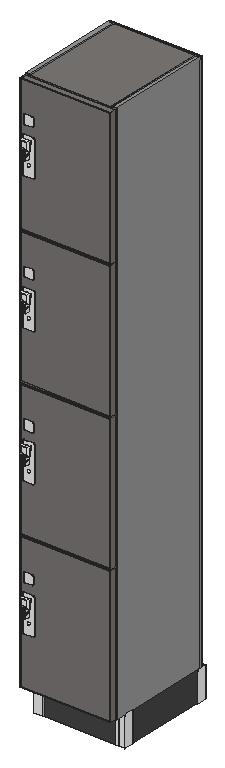
Revit family "Wood_Lockers_Hasps-Salsbury_Industries-44000_Series-1_Wide_Units", category Specialty Equipment, Revit 2026
Family settings
  Round Connector Dimension = Use Diameter
  Part Type = Normal
  Classification Number = 23.40.00.00
  Work Plane-Based = No
  Enable Cutting in Views = No
  Always vertical = Yes
  Cut with Voids When Loaded = No
  Maintain Annotation Orientation = No
  Shared = No
  Room Calculation Point = No
Parameters (values of type "44165")
  Width = 12.000"
  Version = "1.0 (01/31/24)"
  Unit Height including Sloping Hood Only [instance] = 77.743"
  Unit Height including Base Only [instance] = 76.000"
  URL = "www.lockers.com"
  Type Comments = "Premier Wood Lockers - Four Tier - with Hasps"
  Total Doors Height [instance] = if(Unit Height = 72.000", 71.750", if(Unit Height = 60.000", 59.750", 0.000"))  # 71.750"
  Sloping Top Corner Filler - Right Side [instance] = Wood Locker Sloping Corner Fillers : None
  Sloping Top Corner Filler - Left Side [instance] = Wood Locker Sloping Corner Fillers : None
  Sloping In-Line Filler - Right Side [instance] = Wood Locker Sloping In-Line Fillers : None
  Sloping In-Line Filler - Left Side [instance] = Wood Locker Sloping In-Line Fillers : None
  Sloping Hood Height = if(Depth = 15.000", 5.743", if(Depth = 18.000", 6.868", if(Depth = 21.000", 7.993", if(Depth = 24.000", 9.118", 0.000"))))  # 5.743"
  Sloping Hood [instance] = Wood Locker Sloping Hoods : None
  Side Panel without Slope - Right Side [instance] = Wood Locker Side Panels-No Slope : None
  Side Panel without Slope - Left Side [instance] = Wood Locker Side Panels-No Slope : None
  Side Panel with Slope - Right Side [instance] = Wood Locker Side Panels-With Slope : None
  Side Panel with Slope - Left Side [instance] = Wood Locker Side Panels-With Slope : None
  Secondary Structure Materials = Particle Board Industrial Grade - Salsbury Finish - Black Melamine Overlay
  Primary Structure Materials = Particle Board Industrial Grade - Salsbury Finish - Plain
  Overall Unit Height including Base and Sloping Hood [instance] = 81.743"
  OmniClass 23 Title = "Equipment and Furnishings"
  OmniClass 23 Number = "23.40.00.00"
  Model = "44165"
  MasterFormat Title = "Lockers"
  MasterFormat Code = "10 51 23"
  Manufacturer = "Salsbury Industries"
  Laminate Surface [instance] = Industrial Grade Particleboard with Wood Laminate - Salsbury Finish - Skyline Walnut
  Interior Material = Textured Melamine - Salsbury Finish - White
  Individual Door Width [instance] = 11.875"
  Unit Height = 72.000"
  Individual Door Height = if(Unit Height = 72.000", 17.796", if(Unit Height = 60.000", 14.796", 0.000"))  # 17.796"
  Hardware = Aluminum - Salsbury Finish - Black Satin
  Front Vertical Filler - Right Side [instance] = Wood Locker Front Fillers : None
  Front Vertical Filler - Left Side [instance] = Wood Locker Front Fillers : None
  Front Corner Filler - Right Side [instance] = Wood Locker Front Corner Filler : None
  Front Corner Filler - Left Side [instance] = Wood Locker Front Corner Filler : None
  Flat Top In-Line Filler - Right Side [instance] = Wood Locker Flat In-Line Fillers : None
  Flat Top In-Line Filler - Left Side [instance] = Wood Locker Flat In-Line Fillers : None
  Flat Top Corner Filler - Right Side [instance] = Wood Locker Flat Corner Fillers : None
  Flat Top Corner Filler - Left Side [instance] = Wood Locker Flat Corner Fillers : None
  Fascia Filler [instance] = Wood Locker Fascia Fillers : None
  Double Side Panel without Slope - Right Side [instance] = Wood Locker Double Side Panels-No Slope : None
  Double Side Panel without Slope - Left Side [instance] = Wood Locker Double Side Panels-No Slope : None
  Double Side Panel with Slope - Right Side [instance] = Wood Locker Double Side Panels-With Slope : None
  Double Side Panel with Slope - Left Side [instance] = Wood Locker Double Side Panels-With Slope : None
  Door Location D1 = Premier Locker Doors_Hasp : Four Tier Door for Six Foot High Locker
  Description = "1 Wide - 6 Feet High - 15 inches Deep - with Base"
  Depth = 15.000"
  Default Elevation = 0.000"
  Compartment Width [instance] = 10.750"
  Compartment Height [instance] = if(Unit Height = 72.000", 17.063", if(Unit Height = 60.000", 14.063", 0.000"))  # 17.063"
  Compartment Depth [instance] = 13.750"
  Base Material = Particle Board Industrial Grade - Salsbury Finish - Black Melamine Overlay
  Base Height = 4.000"
  Base Depth [instance] = 13.250"
  Base = Wood Locker Bases : Base - 12" W x 15" D Lockers
  Assembly Code = "C1030310"
Reference planes (in)
  plane 1 "Center (Front/Back)": y = 0
  plane 2: z = 0
  plane 3 "Center (Left/Right)": x = 0
  plane 4 "Right Side of Unit": x = 6
  plane 5 "Left Side of Unit": x = -6
  plane 6 "Back of Unit": y = 7.5
  plane 7 "Front of Unit": y = -7.5
  plane 8 "Bottom of Base": z = 0
  plane 9 "Top Edge of Unit": z = 76
  plane 10 "Top of Base Edge": z = 4
  plane 11: z = 81.743
  plane 12 "Right Compartment Edge": x = 5.406
  plane 13 "Left Compartment Edge": x = -5.406
  plane 14 "Front Melamine Edge": y = -6.5
  plane 15 "Back Compartment Edge": y = 7.281
  plane 16 "Front Compartment Edge": y = -6.469
  plane 17 "Front Edge of Base": y = -5.125
  plane 18 "Bottom Edge of Door": z = 4.125
  plane 19 "Top Edge of Door": z = 75.875
  plane 20 "Bottom Compartment Edge": z = 4.75
  plane 21 "Top Compartment Edge": z = 75.25
  plane 22 "Center Top and Bottom": z = 40
  plane 23 "Left Melamine Edge": x = -5.375
  plane 24 "Right Melamine Edge": x = 5.375
  plane 25 "Back Melamine Edge": y = 7.25
  plane 26 "Left Edge of Door": x = -5.875
  plane 27: y = 8.125
  plane 28: y = -5.75
  plane 29 "Base / Ventillation Alignment": y = 8.125
  plane 30 "Compartment Shelf 3": z = 22.563
  plane 31: z = 21.813
  plane 32: z = 21.921
  plane 33: z = 22.109
  plane 34: z = 39.626
  plane 35 "Compartment Shelf 2": z = 40.376
  plane 36: z = 39.905
  plane 37: z = 40.093
  plane 38: z = 57.439
  plane 39 "Compartment Shelf 1": z = 58.189
  plane 40: z = 57.889
  plane 41: z = 58.077
Forms (in)
  Extrusion 1, solid, material "Particle Board Industrial Grade - Salsbury Finish - Plain" <- "Primary Structure Materials"
    sketch origin (6, 0, 0) x (0, -1, 0) y (0, 0, 1)
      loop
        line (6.469, 76) -> (-7.25, 76) -> (-7.25, 4) -> (6.469, 4) -> (6.469, 76)
    from 0 to 0.594
  Extrusion 2, solid, material "Particle Board Industrial Grade - Salsbury Finish - Plain" <- "Primary Structure Materials"
    sketch origin (-6, 0, 0) x (0, -1, 0) y (0, 0, 1)
      loop
        line (-7.25, 76) -> (-7.25, 4) -> (6.469, 4) -> (6.469, 76) -> (-7.25, 76)
    from 0 to -0.594
  Extrusion 3, solid, material "Textured Melamine - Salsbury Finish - White" <- "Interior Material"
    sketch origin (0, 0, 4) x (0, -1, 0) y (1, 0, 0)
      loop
        line (-7.25, -5.375) -> (6.469, -5.375) -> (6.469, 5.375) -> (-7.25, 5.375) -> (-7.25, -5.375)
    from 0 to 0.75
  Extrusion 4, solid, material "Industrial Grade Particleboard with Wood Laminate - Salsbury Finish - Skyline Walnut" <- "Laminate Surface"
    sketch origin (0.375, 0.375, 76) x (1, 0, 0) y (0, 1, 0)
      loop
        line (-5.75, -6.875) -> (5, -6.875) -> (5, 6.875) -> (-5.75, 6.875) -> (-5.75, -6.875)
    from 0 to -0.75
  Extrusion 5, solid, material "Particle Board Industrial Grade - Salsbury Finish - Plain" <- "Primary Structure Materials"
    sketch origin (0, 7.5, 0) x (1, 0, 0) y (0, 0, 1)
      loop
        line (-6, 76) -> (-6, 4) -> (6, 4) -> (6, 76) -> (-6, 76)
    from 0 to 0.219
  Extrusion 6, solid, material "Industrial Grade Particleboard with Wood Laminate - Salsbury Finish - Skyline Walnut" <- "Laminate Surface"
    sketch origin (0, -6.469, 0) x (1, 0, 0) y (0, 0, 1)
      loop
        line (-6, 76) -> (-6, 4) -> (-5.375, 4) -> (-5.375, 76) -> (-6, 76)
    from 0 to 0.031
  Extrusion 7, solid, material "Industrial Grade Particleboard with Wood Laminate - Salsbury Finish - Skyline Walnut" <- "Laminate Surface"
    sketch origin (0, -6.469, 0) x (-1, 0, 0) y (0, 0, -1)
      loop
        line (-6, -76) -> (-5.375, -76) -> (-5.375, -4) -> (-6, -4) -> (-6, -76)
    from 0 to 0.031
  Extrusion 8, solid, material "Textured Melamine - Salsbury Finish - White" <- "Interior Material"
    sketch origin (0, 7.25, 0) x (1, 0, 0) y (0, 0, 1)
      loop
        line (-6, 76) -> (-6, 4) -> (6, 4) -> (6, 76) -> (-6, 76)
    from -0.031 to 0
  Extrusion 9, solid, material "Textured Melamine - Salsbury Finish - White" <- "Interior Material"
    sketch origin (-5.406, 0, 0) x (0, -1, 0) y (0, 0, 1)
      loop
        line (-7.25, 76) -> (-7.25, 4) -> (6.469, 4) -> (6.469, 76) -> (-7.25, 76)
    from 0 to -0.031
  Extrusion 10, solid, material "Textured Melamine - Salsbury Finish - White" <- "Interior Material"
    sketch origin (5.406, 0, 0) x (0, -1, 0) y (0, 0, 1)
      loop
        line (6.469, 76) -> (-7.25, 76) -> (-7.25, 4) -> (6.469, 4) -> (6.469, 76)
    from 0 to 0.031
  Extrusion 11, solid, material "Textured Melamine - Salsbury Finish - White" <- "Interior Material", detail levels fine
    sketch origin (0, 0, 22.563) x (0, -1, 0) y (1, 0, 0)
      loop
        line (-7.25, -5.375) -> (6.469, -5.375) -> (6.469, 5.375) -> (-7.25, 5.375) -> (-7.25, -5.375)
    from 0 to -0.75
  Extrusion 12, solid, material "Textured Melamine - Salsbury Finish - White" <- "Interior Material", detail levels fine
    sketch origin (0, 0, 40.376) x (0, -1, 0) y (1, 0, 0)
      loop
        line (-7.25, -5.375) -> (6.469, -5.375) -> (6.469, 5.375) -> (-7.25, 5.375) -> (-7.25, -5.375)
    from 0 to -0.75
  Extrusion 13, solid, material "Textured Melamine - Salsbury Finish - White" <- "Interior Material", detail levels fine
    sketch origin (0, 0, 58.189) x (0, -1, 0) y (1, 0, 0)
      loop
        line (-7.25, -5.375) -> (6.469, -5.375) -> (6.469, 5.375) -> (-7.25, 5.375) -> (-7.25, -5.375)
    from 0 to -0.75
  Extrusion 14, solid, material "Industrial Grade Particleboard with Wood Laminate - Salsbury Finish - Skyline Walnut" <- "Laminate Surface"
    sketch origin (0, -6.5, 0) x (1, 0, 0) y (0, 0, 1)
      loop
        line (-5.375, 58.189) -> (-5.375, 57.439) -> (5.375, 57.439) -> (5.375, 58.189) -> (-5.375, 58.189)
    from 0 to -0.031
  Extrusion 15, solid, material "Industrial Grade Particleboard with Wood Laminate - Salsbury Finish - Skyline Walnut" <- "Laminate Surface"
    sketch origin (0, -6.5, 0) x (1, 0, 0) y (0, 0, 1)
      loop
        line (-5.375, 40.376) -> (-5.375, 39.626) -> (5.375, 39.626) -> (5.375, 40.376) -> (-5.375, 40.376)
    from 0 to -0.031
  Extrusion 16, solid, material "Industrial Grade Particleboard with Wood Laminate - Salsbury Finish - Skyline Walnut" <- "Laminate Surface"
    sketch origin (0, -6.5, 0) x (1, 0, 0) y (0, 0, 1)
      loop
        line (-5.375, 22.563) -> (-5.375, 21.813) -> (5.375, 21.813) -> (5.375, 22.563) -> (-5.375, 22.563)
    from 0 to -0.031
  Extrusion 17, solid, material "Industrial Grade Particleboard with Wood Laminate - Salsbury Finish - Skyline Walnut" <- "Laminate Surface"
    sketch origin (0, -6.5, 0) x (1, 0, 0) y (0, 0, 1)
      loop
        line (-5.375, 4.75) -> (-5.375, 4) -> (5.375, 4) -> (5.375, 4.75) -> (-5.375, 4.75)
    from 0 to -0.031
Lines and regions (in)
  symbolic lines
    curve 1: line (-6, 7.25, 76) -> (6.00006, 7.25, 76)
    curve 2: line (-6, 7.25, 0) -> (-6, 7.25, 76)
    curve 3: line (6.00006, 7.25, 76) -> (6.00006, 7.25, 0)
    curve 4: line (5.406, -6.5, 76) -> (5.406, 8.125, 76)
    curve 5: line (5.406, -6.5, 0) -> (5.406, -6.5, 76)
    curve 6: line (5.406, 8.125, 76) -> (5.406, 8.125, 0)
    curve 7: line (6.00006, 7.25, 0) -> (-6, 7.25, 0)
    curve 8: line (5.406, -5.125, 0) -> (5.406, 8.125, 0)
    curve 9: line (5.406, 8.125, 0) -> (5.406, -5.125, 0)
    curve 10: line (5.406, -6.5, 0) -> (5.406, 8.125, 0)
    curve 11: line (-6, 8.125, 0) -> (6, 8.125, 0)
    curve 12: line (-6, -6.5, 0) -> (-6, 8.125, 0)
    curve 13: line (6, -6.5, 0) -> (-6, -6.5, 0)
    curve 14: line (6, 8.125, 0) -> (6, -6.5, 0)
Dimensions and locks (in)
  equal spacing: plane 5 "Left Side of Unit", plane 3 "Center (Left/Right)", plane 4 "Right Side of Unit"
  "Width": plane 5 "Left Side of Unit" to plane 4 "Right Side of Unit"
  equal spacing: plane 7 "Front of Unit", plane 1 "Center (Front/Back)", plane 6 "Back of Unit"
  "Depth": plane 7 "Front of Unit" to plane 6 "Back of Unit"
  "Base Height": plane 10 "Top of Base Edge" to plane 8 "Bottom of Base"
  "Unit Height": plane 9 "Top Edge of Unit" to plane 10 "Top of Base Edge"
  "Sloping Hood Height": plane 11 to plane 9 "Top Edge of Unit"
  locked: plane 12 "Right Compartment Edge" to plane 4 "Right Side of Unit" at 0.594
  locked: plane 5 "Left Side of Unit" to plane 13 "Left Compartment Edge" at 0.594
  locked: plane 7 "Front of Unit" to plane 14 "Front Melamine Edge" at 1
  locked: plane 15 "Back Compartment Edge" to plane 6 "Back of Unit" at 0.219
  locked: plane 14 "Front Melamine Edge" to plane 16 "Front Compartment Edge" at 0.031
  plane 18 "Bottom Edge of Door" to plane 10 "Top of Base Edge" = 0.125"
  plane 9 "Top Edge of Unit" to plane 19 "Top Edge of Door" = 0.125"
  plane 20 "Bottom Compartment Edge" to plane 10 "Top of Base Edge" = 0.750"
  plane 9 "Top Edge of Unit" to plane 21 "Top Compartment Edge" = 0.750"
  equal spacing: plane 9 "Top Edge of Unit", plane 22 "Center Top and Bottom", plane 10 "Top of Base Edge"
  locked: plane 24 "Right Melamine Edge" to plane 12 "Right Compartment Edge" at 0.031
  locked: plane 13 "Left Compartment Edge" to plane 23 "Left Melamine Edge" at 0.031
  locked: plane 25 "Back Melamine Edge" to plane 15 "Back Compartment Edge" at 0.031
  locked: plane 5 "Left Side of Unit" to plane 26 "Left Edge of Door" at 0.125
  "Individual Door Width": plane 26 "Left Edge of Door" to plane 4 "Right Side of Unit"
  "Total Doors Height": plane 19 "Top Edge of Door" to plane 18 "Bottom Edge of Door"
  "Unit Height including Base Only": plane 9 "Top Edge of Unit" to plane 8 "Bottom of Base"
  "Unit Height including Sloping Hood Only": plane 11 to plane 10 "Top of Base Edge"
  "Overall Unit Height including Base and Sloping Hood": plane 11 to plane 8 "Bottom of Base"
  locked: plane 7 "Front of Unit" to plane 17 "Front Edge of Base" at 2.375
  locked: plane 6 "Back of Unit" to plane 27 at 0.625
  "Base Depth": plane 17 "Front Edge of Base" to plane 27
  "Compartment Width": plane 23 "Left Melamine Edge" to plane 24 "Right Melamine Edge"
  "Compartment Height": plane 31 to plane 20 "Bottom Compartment Edge"
  "Compartment Depth": plane 14 "Front Melamine Edge" to plane 25 "Back Melamine Edge"
  locked: plane 14 "Front Melamine Edge" to plane 28 at 0.75
  plane 14 "Front Melamine Edge" to plane 27 = 14.625"
  Extrusion 2 to Extrusion 9 = 13.719"
  plane 6 "Back of Unit" to plane 29 "Base / Ventillation Alignment" = 0.625"
  locked: plane 30 "Compartment Shelf 3" to plane 31 at 0.75
  locked: plane 33 to plane 32 at 0.188
  "Individual Door Height": plane 32 to plane 18 "Bottom Edge of Door"
  locked: plane 35 "Compartment Shelf 2" to plane 34 at 0.75
  locked: plane 37 to plane 36 at 0.188
  "Compartment Height": plane 34 to plane 30 "Compartment Shelf 3"
  "Individual Door Height": plane 36 to plane 33
  locked: plane 39 "Compartment Shelf 1" to plane 38 at 0.75
  locked: plane 41 to plane 40 at 0.188
  "Compartment Height": plane 38 to plane 35 "Compartment Shelf 2"
  "Individual Door Height": plane 40 to plane 37
  aligned and locked: level to plane 2
  aligned and locked: plane 15 "Back Compartment Edge" to Extrusion 5
  aligned and locked: plane 4 "Right Side of Unit" to nested 1
  aligned and locked: plane 18 "Bottom Edge of Door" to nested 1
  aligned and locked: plane 7 "Front of Unit" to nested 1
  aligned and locked: plane 9 "Top Edge of Unit" to nested 2
  aligned and locked: plane 14 "Front Melamine Edge" to nested 2
  aligned and locked: plane 5 "Left Side of Unit" to nested 3
  aligned and locked: plane 14 "Front Melamine Edge" to nested 3
  aligned and locked: plane 9 "Top Edge of Unit" to nested 3
  aligned and locked: plane 4 "Right Side of Unit" to nested 4
  aligned and locked: nested 4 to plane 9 "Top Edge of Unit"
  aligned and locked: nested 4 to plane 14 "Front Melamine Edge"
  aligned and locked: plane 9 "Top Edge of Unit" to nested 5
  aligned and locked: plane 28 to nested 5
  aligned and locked: nested 6 to plane 28
  aligned and locked: plane 5 "Left Side of Unit" to nested 6
  aligned and locked: plane 4 "Right Side of Unit" to nested 5
  aligned and locked: nested 6 to plane 9 "Top Edge of Unit"
  aligned and locked: nested 8 to plane 5 "Left Side of Unit"
  aligned and locked: nested 7 to plane 4 "Right Side of Unit"
  aligned and locked: plane 14 "Front Melamine Edge" to nested 7
  aligned and locked: nested 8 to plane 14 "Front Melamine Edge"
  aligned and locked: plane 10 "Top of Base Edge" to nested 7
  aligned and locked: nested 8 to plane 10 "Top of Base Edge"
  aligned and locked: plane 5 "Left Side of Unit" to nested 9
  aligned and locked: plane 4 "Right Side of Unit" to nested 10
  aligned and locked: nested 10 to plane 10 "Top of Base Edge"
  aligned and locked: plane 10 "Top of Base Edge" to nested 9
  aligned and locked: plane 16 "Front Compartment Edge" to nested 10
  aligned and locked: nested 9 to plane 14 "Front Melamine Edge"
  aligned and locked: plane 4 "Right Side of Unit" to nested 11
  aligned and locked: nested 11 to plane 10 "Top of Base Edge"
  aligned and locked: plane 14 "Front Melamine Edge" to nested 11
  aligned and locked: plane 14 "Front Melamine Edge" to nested 12
  aligned and locked: nested 12 to nested 4
  aligned and locked: plane 10 "Top of Base Edge" to nested 12
  aligned and locked: nested 13 to plane 5 "Left Side of Unit"
  aligned and locked: nested 13 to plane 14 "Front Melamine Edge"
  aligned and locked: nested 13 to plane 10 "Top of Base Edge"
  aligned and locked: plane 14 "Front Melamine Edge" to nested 14
  aligned and locked: nested 14 to plane 4 "Right Side of Unit"
  aligned and locked: nested 15 to plane 14 "Front Melamine Edge"
  aligned and locked: nested 15 to plane 5 "Left Side of Unit"
  aligned and locked: plane 10 "Top of Base Edge" to nested 14
  aligned and locked: nested 15 to plane 10 "Top of Base Edge"
  aligned and locked: plane 14 "Front Melamine Edge" to nested 16
  aligned and locked: plane 4 "Right Side of Unit" to nested 16
  aligned and locked: nested 17 to plane 14 "Front Melamine Edge"
  aligned and locked: plane 5 "Left Side of Unit" to nested 17
  aligned and locked: nested 16 to plane 8 "Bottom of Base"
  aligned and locked: nested 17 to plane 8 "Bottom of Base"
  aligned and locked: nested 18 to plane 5 "Left Side of Unit"
  aligned and locked: nested 19 to plane 4 "Right Side of Unit"
  aligned and locked: nested 19 to plane 14 "Front Melamine Edge"
  aligned and locked: plane 14 "Front Melamine Edge" to nested 18
  aligned and locked: plane 8 "Bottom of Base" to nested 19
  aligned and locked: nested 18 to plane 8 "Bottom of Base"
  aligned and locked: plane 17 "Front Edge of Base" to nested 20
  aligned and locked: plane 9 "Top Edge of Unit" to nested 21
  aligned and locked: plane 5 "Left Side of Unit" to nested 21
  aligned and locked: nested 22 to plane 9 "Top Edge of Unit"
  aligned and locked: plane 4 "Right Side of Unit" to nested 22
  aligned and locked: nested 22 to plane 14 "Front Melamine Edge"
  aligned and locked: nested 21 to plane 14 "Front Melamine Edge"
  aligned and locked: nested 24 to plane 9 "Top Edge of Unit"
  aligned and locked: plane 4 "Right Side of Unit" to nested 24
  aligned and locked: nested 23 to plane 9 "Top Edge of Unit"
  aligned and locked: plane 5 "Left Side of Unit" to nested 23
  aligned and locked: nested 24 to plane 28
  aligned and locked: nested 23 to plane 28
  aligned and locked: plane 14 "Front Melamine Edge" to nested 25
  aligned and locked: plane 9 "Top Edge of Unit" to nested 25
  aligned and locked: plane 8 "Bottom of Base" to nested 20
  aligned and locked: plane 3 "Center (Left/Right)" to nested 20
  aligned and locked: plane 25 "Back Melamine Edge" to Extrusion 3 sketch curve
  aligned and locked: Extrusion 3 sketch curve to plane 23 "Left Melamine Edge"
  aligned and locked: plane 24 "Right Melamine Edge" to Extrusion 3 sketch curve
  aligned and locked: Extrusion 4 to plane 9 "Top Edge of Unit"
  aligned and locked: plane 21 "Top Compartment Edge" to Extrusion 4
  aligned and locked: Extrusion 2 sketch curve to plane 9 "Top Edge of Unit"
  aligned and locked: plane 16 "Front Compartment Edge" to Extrusion 2 sketch curve
  aligned and locked: Extrusion 2 sketch curve to plane 25 "Back Melamine Edge"
  aligned and locked: plane 10 "Top of Base Edge" to Extrusion 2 sketch curve
  aligned and locked: Extrusion 2 to plane 13 "Left Compartment Edge"
  aligned and locked: plane 5 "Left Side of Unit" to Extrusion 2
  aligned and locked: plane 10 "Top of Base Edge" to Extrusion 9 sketch curve
  aligned and locked: Extrusion 9 sketch curve to plane 25 "Back Melamine Edge"
  aligned and locked: Extrusion 9 sketch curve to plane 9 "Top Edge of Unit"
  aligned and locked: Extrusion 1 sketch curve to plane 16 "Front Compartment Edge"
  aligned and locked: plane 9 "Top Edge of Unit" to Extrusion 1 sketch curve
  aligned and locked: Extrusion 1 sketch curve to plane 10 "Top of Base Edge"
  aligned and locked: plane 25 "Back Melamine Edge" to Extrusion 1 sketch curve
  aligned and locked: Extrusion 1 to plane 4 "Right Side of Unit"
  aligned and locked: plane 12 "Right Compartment Edge" to Extrusion 1
  aligned and locked: Extrusion 10 sketch curve to plane 10 "Top of Base Edge"
  aligned and locked: plane 25 "Back Melamine Edge" to Extrusion 10 sketch curve
  aligned and locked: Extrusion 10 sketch curve to plane 16 "Front Compartment Edge"
  aligned and locked: plane 9 "Top Edge of Unit" to Extrusion 10 sketch curve
  aligned and locked: Extrusion 10 to plane 12 "Right Compartment Edge"
  aligned and locked: plane 24 "Right Melamine Edge" to Extrusion 10
  aligned and locked: Extrusion 8 sketch curve to plane 10 "Top of Base Edge"
  aligned and locked: plane 4 "Right Side of Unit" to Extrusion 8 sketch curve
  aligned and locked: plane 9 "Top Edge of Unit" to Extrusion 8 sketch curve
  aligned and locked: Extrusion 8 sketch curve to plane 5 "Left Side of Unit"
  aligned and locked: Extrusion 8 to plane 15 "Back Compartment Edge"
  aligned and locked: plane 25 "Back Melamine Edge" to Extrusion 8
  aligned and locked: plane 9 "Top Edge of Unit" to Extrusion 5 sketch curve
  aligned and locked: Extrusion 5 sketch curve to plane 5 "Left Side of Unit"
  aligned and locked: Extrusion 5 sketch curve to plane 10 "Top of Base Edge"
  aligned and locked: plane 4 "Right Side of Unit" to Extrusion 5 sketch curve
  aligned and locked: Extrusion 7 sketch curve to plane 9 "Top Edge of Unit"
  aligned and locked: Extrusion 7 sketch curve to plane 4 "Right Side of Unit"
  aligned and locked: plane 24 "Right Melamine Edge" to Extrusion 7 sketch curve
  aligned and locked: plane 10 "Top of Base Edge" to Extrusion 7 sketch curve
  aligned and locked: Extrusion 7 to plane 16 "Front Compartment Edge"
  aligned and locked: plane 14 "Front Melamine Edge" to Extrusion 7
  aligned and locked: Extrusion 6 sketch curve to plane 10 "Top of Base Edge"
  aligned and locked: plane 23 "Left Melamine Edge" to Extrusion 6 sketch curve
  aligned and locked: Extrusion 6 sketch curve to plane 5 "Left Side of Unit"
  aligned and locked: plane 9 "Top Edge of Unit" to Extrusion 6 sketch curve
  aligned and locked: Extrusion 6 to plane 16 "Front Compartment Edge"
  aligned and locked: plane 14 "Front Melamine Edge" to Extrusion 6
  aligned and locked: plane 16 "Front Compartment Edge" to Extrusion 9
  aligned and locked: plane 13 "Left Compartment Edge" to Extrusion 9
  aligned and locked: nested 3 to curve 1
  aligned and locked: curve 2 to nested 17
  aligned and locked: curve 4 to nested 2
  aligned and locked: nested 16 to curve 5
  aligned and locked: curve 9 to nested 20
  aligned and locked: curve 10 to nested 16
  aligned and locked: curve 13 to plane 14 "Front Melamine Edge"
  aligned and locked: curve 12 to plane 5 "Left Side of Unit"
  aligned and locked: plane 29 "Base / Ventillation Alignment" to curve 11
  aligned and locked: plane 3 "Center (Left/Right)" to nested 2
  aligned and locked: plane 3 "Center (Left/Right)" to nested 25
  aligned and locked: plane 29 "Base / Ventillation Alignment" to curve 6
  aligned and locked: plane 25 "Back Melamine Edge" to Extrusion 11 sketch curve
  aligned and locked: Extrusion 11 sketch curve to plane 23 "Left Melamine Edge"
  aligned and locked: plane 24 "Right Melamine Edge" to Extrusion 11 sketch curve
  aligned and locked: plane 25 "Back Melamine Edge" to Extrusion 12 sketch curve
  aligned and locked: plane 24 "Right Melamine Edge" to Extrusion 12 sketch curve
  aligned and locked: Extrusion 12 sketch curve to plane 23 "Left Melamine Edge"
  aligned and locked: plane 33 to nested 26
  aligned and locked: plane 4 "Right Side of Unit" to nested 26
  aligned and locked: plane 4 "Right Side of Unit" to nested 27
  aligned and locked: plane 37 to nested 27
  aligned and locked: plane 7 "Front of Unit" to nested 27
  aligned and locked: plane 7 "Front of Unit" to nested 26
  aligned and locked: plane 25 "Back Melamine Edge" to Extrusion 13 sketch curve
  aligned and locked: plane 24 "Right Melamine Edge" to Extrusion 13 sketch curve
  aligned and locked: Extrusion 13 sketch curve to plane 23 "Left Melamine Edge"
  aligned and locked: plane 41 to nested 28
  aligned and locked: plane 4 "Right Side of Unit" to nested 28
  aligned and locked: plane 7 "Front of Unit" to nested 28
  aligned and locked: plane 14 "Front Melamine Edge" to Extrusion 4
  aligned and locked: plane 16 "Front Compartment Edge" to Extrusion 13
  aligned and locked: plane 16 "Front Compartment Edge" to Extrusion 12
  aligned and locked: plane 16 "Front Compartment Edge" to Extrusion 11
  aligned and locked: plane 16 "Front Compartment Edge" to Extrusion 3
  aligned and locked: Extrusion 14 sketch curve to Extrusion 13  (x4)
  aligned and locked: plane 14 "Front Melamine Edge" to Extrusion 14
  aligned and locked: Extrusion 14 to plane 16 "Front Compartment Edge"
  aligned and locked: Extrusion 15 sketch curve to Extrusion 12  (x4)
  aligned and locked: plane 14 "Front Melamine Edge" to Extrusion 15
  aligned and locked: Extrusion 15 to plane 16 "Front Compartment Edge"
  aligned and locked: Extrusion 16 sketch curve to Extrusion 11  (x4)
  aligned and locked: plane 14 "Front Melamine Edge" to Extrusion 16
  aligned and locked: Extrusion 16 to plane 16 "Front Compartment Edge"
  aligned and locked: Extrusion 17 sketch curve to Extrusion 3  (x3)
  aligned and locked: Extrusion 7 to Extrusion 17 sketch curve
  aligned and locked: plane 14 "Front Melamine Edge" to Extrusion 17
  aligned and locked: Extrusion 17 to plane 16 "Front Compartment Edge"
Automatic sketch dimensions
  Extrusion 9 sketch curve to plane 16 "Front Compartment Edge" = 0.000"
  curve 3 to level = 0.000"
  curve 3 to plane 4 "Right Side of Unit" = 0.00006"
  curve 8 to plane 17 "Front Edge of Base" = 0.000"
  curve 9 to plane 17 "Front Edge of Base" = 0.000"
  curve 13 to plane 4 "Right Side of Unit" = 0.000"
  Extrusion 4 sketch curve to plane 5 "Left Side of Unit" = 0.625"
  plane 17 "Front Edge of Base" to Extrusion 4 sketch curve = 1.375"
  plane 4 "Right Side of Unit" to Extrusion 4 sketch curve = 0.625"
  plane 25 "Back Melamine Edge" to Extrusion 4 sketch curve = 0.000"
  Extrusion 13 sketch curve to plane 14 "Front Melamine Edge" = 0.031"
  Extrusion 12 sketch curve to plane 14 "Front Melamine Edge" = 0.031"
  Extrusion 11 sketch curve to plane 14 "Front Melamine Edge" = 0.031"
  Extrusion 3 sketch curve to plane 14 "Front Melamine Edge" = 0.031"
Nested families (in)
  nested 1: "Premier Locker Doors_Hasp" at (0.0625, -7.125, 4.125), type <- "Door Location D1", type "Four Tier Door for Six Foot High Locker"
  nested 2: "Wood Locker Sloping Hoods" at (0, 0.8125, 76), type <- "Sloping Hood", type "None"
  nested 3: "Wood Locker Sloping Corner Fillers" at (-15.25, 0.5, 76), type <- "Sloping Top Corner Filler - Left Side", type "None"
  nested 4: "Wood Locker Sloping Corner Fillers" at (15.25, 0.5, 76) x (-1, 0, 0) z (0, 0, 1), type <- "Sloping Top Corner Filler - Right Side", type "None"
  nested 5: "Wood Locker Flat Corner Fillers" at (13.5, -2.125, 75.25), type <- "Flat Top Corner Filler - Right Side", type "None"
  nested 6: "Wood Locker Flat Corner Fillers" at (-13.5, -2.125, 75.25) x (-1, 0, 0) z (0, 0, 1), type <- "Flat Top Corner Filler - Left Side", type "None"
  nested 7: "Wood Locker Side Panels-No Slope" at (6.375, 0.5, 4) x (0, 1, 0) z (0, 0, 1), type <- "Side Panel without Slope - Right Side", type "None"
  nested 8: "Wood Locker Side Panels-No Slope" at (-6.375, 0.5, 4) x (0, 1, 0) z (0, 0, 1), type <- "Side Panel without Slope - Left Side", type "None"
  nested 9: "Wood Locker Side Panels-With Slope" at (-6.375, 0.8125, 4) x (0, -1, 0) z (0, 0, 1), type <- "Side Panel with Slope - Left Side", type "None"
  nested 10: "Wood Locker Side Panels-With Slope" at (6.375, 0.8435, 4) x (0, -1, 0) z (0, 0, 1), type <- "Side Panel with Slope - Right Side", type "None"
  nested 11: "Wood Locker Side Panels-With Slope" at (6.375, 0.8125, 4) x (0, -1, 0) z (0, 0, 1), type <- "Side Panel with Slope - Right Side", type "None"
  nested 12: "Wood Locker Double Side Panels-No Slope" at (6.375, 0.5, 4) x (0, 1, 0) z (0, 0, 1), type <- "Double Side Panel without Slope - Right Side", type "None"
  nested 13: "Wood Locker Double Side Panels-No Slope" at (-6.375, 0.5, 4) x (0, 1, 0) z (0, 0, 1), type <- "Double Side Panel without Slope - Left Side", type "None"
  nested 14: "Wood Locker Double Side Panels-With Slope" at (6.375, 0.5, 4) x (0, 1, 0) z (0, 0, 1), type <- "Double Side Panel with Slope - Right Side", type "None"
  nested 15: "Wood Locker Double Side Panels-With Slope" at (-6.375, 0.5, 4) x (0, 1, 0) z (0, 0, 1), type <- "Double Side Panel with Slope - Left Side", type "None"
  nested 16: "Wood Locker Front Fillers" at (13.5, -6.125, 0), type <- "Front Vertical Filler - Right Side", type "None"
  nested 17: "Wood Locker Front Fillers" at (-13.5, -6.125, 0) x (-1, 0, 0) z (0, 0, 1), type <- "Front Vertical Filler - Left Side", type "None"
  nested 18: "Wood Locker Front Corner Filler" at (-7.125, -6.125, 0), type <- "Front Corner Filler - Left Side", type "None"
  nested 19: "Wood Locker Front Corner Filler" at (7.125, -6.125, 0) x (-1, 0, 0) z (0, 0, 1), type <- "Front Corner Filler - Right Side", type "None"
  nested 20: "Wood Locker Bases" at (0, 1.5, 0), type <- "Base", type "Base - 12" W x 15" D Lockers"
  nested 21: "Wood Locker Sloping In-Line Fillers" at (-12, 0.5, 76), type <- "Sloping In-Line Filler - Left Side", type "None"
  nested 22: "Wood Locker Sloping In-Line Fillers" at (12, 0.5, 76) x (-1, 0, 0) z (0, 0, 1), type <- "Sloping In-Line Filler - Right Side", type "None"
  nested 23: "Wood Locker Flat In-Line Fillers" at (-13.5, 0.875, 75.25), type <- "Flat Top In-Line Filler - Left Side", type "None"
  nested 24: "Wood Locker Flat In-Line Fillers" at (13.5, 0.875, 75.25) x (-1, 0, 0) z (0, 0, 1), type <- "Flat Top In-Line Filler - Right Side", type "None"
  nested 25: "Wood Locker Fascia Fillers" at (0, -6.125, 76), type <- "Fascia Filler", type "None"
  nested 26: "Premier Locker Doors_Hasp" at (0.0625, -7.125, 22.109), type <- "Door Location D1", type "Four Tier Door for Six Foot High Locker"
  nested 27: "Premier Locker Doors_Hasp" at (0.0625, -7.125, 40.093), type <- "Door Location D1", type "Four Tier Door for Six Foot High Locker"
  nested 28: "Premier Locker Doors_Hasp" at (0.0625, -7.125, 58.077), type <- "Door Location D1", type "Four Tier Door for Six Foot High Locker"
Definition of nested family "Premier Locker Doors_Hasp"
  Parameters (values of type "Single Tier Door for Six Foot High Locker")
    Width = 11.875"
    Visible Number Plates = yes
    Visible Center Hinge = yes
    Primary Structure Materials = none
    Number Tag-Vertical Offset = 31.625"
    Number Tag-Horizontal Offset = 10.750"
    Number Tag Width = 1.250"
    Number Tag Height = 1.250"
    Model = "Premier Locker Doors"
    Manufacturer = "Salsbury Industries"
    Lock Width = 1.500"
    Lock Height = 4.875"
    Laminate Surface = none
    Height = 71.750"
    Lock Vertical Offset = 35.875"
    Lock Horizontal Offset = 0.375"
    Door Trim = none
    Door Hasps = none
    Depth = 0.750"
    Default Elevation = 48.000"
  Types (8): name | Visible Center Hinge | Number Tag-Vertical Offset | Height | Lock Vertical Offset
    Single Tier Door for Six Foot High Locker | yes | 31.625" | 71.750" | 35.875"
    Double Tier Door-1 for Six Foot High Locker | no | 27.641" | 35.781" | 31.891"
    Double Tier Door-2 for Six Foot High Locker | yes | 2.078" | 35.781" | 6.328"
    Triple Tier Door-1 for Six Foot High Locker | no | 15.651" | 23.791" | 19.901"
    Triple Tier Door-2 for Six Foot High Locker | no | 7.646" | 23.791" | 11.896"
    Triple Tier Door-3 for Six Foot High Locker | no | 2.078" | 23.791" | 6.328"
    Four Tier Door for Six Foot High Locker | no | 4.647" | 17.796" | 8.897"
    Six Tier Door for Six Foot High Locker | no | 1.650" | 11.801" | 5.900"
  Reference planes (in)
    plane 1 "Center (Front/Back)": y = 0
    plane 2: z = 0
    plane 3 "Center (Left/Right)": x = 0
    plane 4 "Left Side of Door": x = -5.9375
    plane 5 "Right Side of Door": x = 5.9375
    plane 6 "Back of Door": y = 0.375
    plane 7 "Front of Door": y = -0.375
    plane 8 "Bottom of Door": z = 0
    plane 9 "Top of Door": z = 71.75
    plane 10 "Center of Door": z = 35.875
    plane 11 "Top of Number Tag": z = 40.75
    plane 12 "Bottom of Number Tag": z = 39.5
    plane 13 "Left Side of Number Tag": x = -5.4375
    plane 14 "Right Side of Number Tag": x = -4.1875
    plane 15 "Horizontal Center of Number Tag": x = -4.8125
    plane 16 "Center of Number Tag": z = 40.125
    plane 17 "Left Side of Lock": x = -5.5625
    plane 18 "Right Side of Lock": x = -4.0625
    plane 19 "Lock Vertical Center": z = 35.875
    plane 20 "Top of Lock": z = 38.3125
    plane 21 "Bottom of Lock": z = 33.4375
    plane 22 "Front of Hasp Stud": y = -0.5
    plane 23 "Left Side of Door-Right Side of Trim": x = -5.8125
    plane 24 "Right Side of Door-Left Side of Trim": x = 5.8125
    plane 25 "Top of Door-Bottom of Trim": z = 71.625
    plane 26 "Bottom of Door-Top of Trim": z = 0.125
    plane 27 "Laminate-Particleboard Line": y = -0.344
    plane 28 "Melamine-Particleboard Line": y = 0.344
    plane 29 "Back of Number Plate Inset": y = -0.313
    plane 30 "Center of Lock": x = -4.8125
    plane 31: y = -0.188
    plane 32 "Door Stopper Plane": y = 0.625
    plane 33: x = -5.4875
    plane 34: z = 71.3
    plane 35 "Top Hinge": z = 68.75
    plane 36: x = 5.3125
    plane 37 "Bottom Hinge": z = 3
    plane 38 "Inner Knob": y = -1.094
    plane 39 "Front of Knob": y = -1.125
    plane 40: z = 37.1875
    plane 41: z = 34.5625
    plane 42: z = 38.1875
    plane 43: x = -4.1875
    plane 44: x = -5.4375
    plane 45: z = 36.9375
    plane 46 "Top of Hole": z = 36.8125
    plane 47: x = -4.6245
    plane 48: x = -5.0005
    plane 49 "Bottom of Hole": z = 35.5625
    plane 50 "Stud Alignment": z = 34.8125
    plane 51 "Center of Handle": z = 37.5625
    plane 52: z = 37.7505
    plane 53: z = 37.3745
    plane 54: z = 37.96546
    plane 55: z = 37.15954
    plane 56 "Front of Latch": y = -1
    plane 57: z = 36.6844
    plane 58: z = 35.6844
    plane 59: z = 36.1844
    plane 60: x = 5.3435
    plane 61: z = 36.6245
    plane 62: z = 35.74816
  Forms (in)
    Extrusion 1, solid, detail levels fine
      sketch origin (0, 0, 0) x (1, 0, 0) y (0, 0, 1)
        loop
          line (-5.9065, 0.031) -> (5.9065, 0.031) -> (5.9065, 71.719) -> (-5.9065, 71.719) -> (-5.9065, 0.031)
      from -0.344 to 0.344
    Extrusion 2, solid, material <- "Laminate Surface", detail levels fine
      sketch origin (0, 0.375, 0) x (1, 0, 0) y (0, 0, 1)
        loop
          line (-5.9065, 0.031) -> (5.9065, 0.031) -> (5.9065, 71.719) -> (-5.9065, 71.719) -> (-5.9065, 0.031)
      from 0.031 to 0
    Extrusion 3, solid, material <- "Laminate Surface"
      sketch origin (0, -0.375, 0) x (1, 0, 0) y (0, 0, 1)
        loop
          line (-5.9065, 0.031) -> (5.9065, 0.031) -> (5.9065, 71.719) -> (-5.9065, 71.719) -> (-5.9065, 0.031)
      from 0 to -0.031
    Sweep 4, solid, material <- "Door Trim"
      path origin (0, 0, 0) x (1, 0, 0) y (0, 0, 1)
        loop
          line (5.8125, 71.625) -> (-5.8125, 71.625) -> (-5.8125, 0.125) -> (5.8125, 0.125) -> (5.8125, 71.625)
      profile origin (0, 0, 71.625) x (0, 0, -1) y (0, -1, 0)
        loop
          line (-0.125, 0.375) -> (-0.125, -0.375) -> (-0.094, -0.375) -> (-0.094, 0.375) -> (-0.125, 0.375)
    Extrusion 5, void
      sketch origin (-1.875, -0.313, 0) x (1, 0, 0) y (0, 0, 1)
        loop
          arc (-3.41334, 40.75) -> (-3.51881, 40.70631) -> (-3.5625, 40.60084) r 0.14916
          line (-3.5625, 40.60084) -> (-3.5625, 39.64916)
          arc (-3.5625, 39.64916) -> (-3.51881, 39.54369) -> (-3.41334, 39.5) r 0.14916
          line (-3.41334, 39.5) -> (-2.46166, 39.5)
          arc (-2.46166, 39.5) -> (-2.35619, 39.54369) -> (-2.3125, 39.64916) r 0.14916
          line (-2.3125, 39.64916) -> (-2.3125, 40.60084)
          arc (-2.3125, 40.60084) -> (-2.35619, 40.70631) -> (-2.46166, 40.75) r 0.14916
          line (-2.46166, 40.75) -> (-3.41334, 40.75)
      from 0 to 0.062
    Extrusion 6, solid, visible <- "Visible Number Plates", detail levels medium+fine
      sketch origin (-1.875, -0.375, 0) x (1, 0, 0) y (0, 0, 1)
        loop
          arc (-3.41334, 40.75) -> (-3.51881, 40.70631) -> (-3.5625, 40.60084) r 0.14916
          line (-3.5625, 40.60084) -> (-3.5625, 39.64916)
          arc (-3.5625, 39.64916) -> (-3.51881, 39.54369) -> (-3.41334, 39.5) r 0.14916
          line (-3.41334, 39.5) -> (-2.46166, 39.5)
          arc (-2.46166, 39.5) -> (-2.35619, 39.54369) -> (-2.3125, 39.64916) r 0.14916
          line (-2.3125, 39.64916) -> (-2.3125, 40.60084)
          arc (-2.3125, 40.60084) -> (-2.35619, 40.70631) -> (-2.46166, 40.75) r 0.14916
          line (-2.46166, 40.75) -> (-3.41334, 40.75)
      from -0.062 to 0
    Extrusion 7, solid, detail levels medium+fine
      sketch origin (0, 0.375, 0) x (1, 0, 0) y (0, 0, 1)
        loop
          circle (-5.4875, 71.3) r 0.25
      from 0 to -0.25
    Extrusion 8, solid, detail levels medium+fine
      sketch origin (0, 0.375, 0) x (1, 0, 0) y (0, 0, 1)
        loop
          line (5.3125, 68.5) -> (5.3125, 69) -> (4.8125, 69) -> (4.8125, 68.5) -> (5.3125, 68.5)
      from 0 to -0.25
    Extrusion 9, solid, detail levels medium+fine
      sketch origin (0, 0.375, -0.25) x (1, 0, 0) y (0, 0, 1)
        loop
          line (5.3125, 3) -> (5.3125, 3.5) -> (4.8125, 3.5) -> (4.8125, 3) -> (5.3125, 3)
      from 0 to -0.25
    Extrusion 10, solid, visible <- "Visible Center Hinge", detail levels medium+fine
      sketch origin (0, 0.375, -0.25) x (1, 0, 0) y (0, 0, 1)
        loop
          line (5.3125, 35.875) -> (5.3125, 36.375) -> (4.8125, 36.375) -> (4.8125, 35.875) -> (5.3125, 35.875)
      from 0 to -0.25
    Extrusion 11, void
      sketch origin (-1.875, -0.375, 0) x (1, 0, 0) y (0, 0, 1)
        loop
          arc (-3.5625, 38.3125) -> (-3.65089, 38.27589) -> (-3.6875, 38.1875) r 0.125
          line (-3.6875, 38.1875) -> (-3.6875, 33.5625)
          arc (-3.6875, 33.5625) -> (-3.65089, 33.47411) -> (-3.5625, 33.4375) r 0.125
          line (-3.5625, 33.4375) -> (-2.3125, 33.4375)
          arc (-2.3125, 33.4375) -> (-2.22411, 33.47411) -> (-2.1875, 33.5625) r 0.125
          line (-2.1875, 33.5625) -> (-2.1875, 38.1875)
          arc (-2.1875, 38.1875) -> (-2.22411, 38.27589) -> (-2.3125, 38.3125) r 0.125
          line (-2.3125, 38.3125) -> (-3.5625, 38.3125)
      from -0.062 to 0
    Extrusion 12, solid
      sketch origin (-1.875, -0.375, 0) x (1, 0, 0) y (0, 0, 1)
        loop
          line (-2.3125, 38.3125) -> (-3.5625, 38.3125)
          arc (-3.5625, 38.3125) -> (-3.65089, 38.27589) -> (-3.6875, 38.1875) r 0.125
          line (-3.6875, 38.1875) -> (-3.6875, 33.5625)
          arc (-3.6875, 33.5625) -> (-3.65089, 33.47411) -> (-3.5625, 33.4375) r 0.125
          line (-3.5625, 33.4375) -> (-2.3125, 33.4375)
          arc (-2.3125, 33.4375) -> (-2.22411, 33.47411) -> (-2.1875, 33.5625) r 0.125
          line (-2.1875, 33.5625) -> (-2.1875, 38.1875)
          arc (-2.1875, 38.1875) -> (-2.22411, 38.27589) -> (-2.3125, 38.3125) r 0.125
      from 0 to -0.062
    Extrusion 13, void
      sketch origin (-1.875, -0.375, 0) x (1, 0, 0) y (0, 0, 1)
        loop
          line (-3.1255, 36.6245) -> (-3.1255, 35.74816)
          arc (-3.1255, 35.74816) -> (-2.9375, 35.56016) -> (-2.7495, 35.74816) r 0.188
          line (-2.7495, 35.74816) -> (-2.7495, 36.6245)
          arc (-2.7495, 36.6245) -> (-2.9375, 36.8125) -> (-3.1255, 36.6245) r 0.188
      from 0 to -0.75
    Sweep 14, solid, detail levels medium+fine
      path origin (-1.875, -0.375, 0) x (1, 0, 0) y (0, 0, 1)
        loop
          circle (-2.9375, 34.8125) r 0.01
      profile origin (-4.8125, -0.375, 34.8225) x (0, 0, -1) y (0, -1, 0)
        loop
          line (0, 0) -> (0, 0.125)
          arc (0, 0.125) -> (-0.10032, 0.09036) -> (-0.156, 0) r 0.15776
          line (-0.156, 0) -> (0, 0)
    Extrusion 15, solid, detail levels medium+fine
      sketch origin (-1.875, -0.375, 0) x (1, 0, 0) y (0, 0, 1)
        loop
          circle (-2.9375, 34.8125) r 0.01
      from 0 to 0.125
    Sweep 16, solid
      path origin (-1.875, -0.375, 0) x (1, 0, 0) y (0, 0, 1)
        loop
          line (-3.5625, 38.1875) -> (-3.5625, 36.9375) -> (-2.3125, 36.9375) -> (-2.3125, 38.1875) -> (-3.5625, 38.1875)
      profile origin (-4.8125, -0.375, 38.1875) x (0, 0, 1) y (0, -1, 0)
        loop
          line (-0.38067, 0) -> (-0.38067, 0.24142)
          arc (-0.38067, 0.24142) -> (-0.34525, 0.34191) -> (-0.25465, 0.39797) r 0.16024
          arc (-0.25465, 0.39797) -> (-0.10494, 0.46941) -> (0, 0.59789) r 0.37946
          spline (0, 0.59789) -> (-0.00179, 0.61485) -> (-0.00715, 0.6316) -> (-0.01601, 0.64793) -> (-0.02825, 0.66364) -> (-0.04373, 0.67852) -> (-0.06225, 0.6924) -> (-0.08358, 0.7051) -> (-0.10745, 0.71647) -> (-0.13357, 0.72635) -> (-0.16161, 0.73463) -> (-0.19123, 0.74121) -> (-0.22204, 0.746)
          arc (-0.22204, 0.746) -> (-0.31051, 0.60028) -> (-0.42829, 0.47704) r 0.78682
          arc (-0.42829, 0.47704) -> (-0.50625, 0.37521) -> (-0.53396, 0.25) r 0.29673
          line (-0.53396, 0.25) -> (-0.53396, 0) -> (-0.38067, 0)
    Blend 17, solid
      base sketch origin (-1.875, -1.125, 0) x (0, 0, -1) y (-1, 0, 0)
        loop
          line (-37.96546, 3.34046) -> (-37.96546, 2.53454) -> (-37.15954, 2.53454) -> (-37.15954, 3.34046) -> (-37.96546, 3.34046)
      top sketch origin (-1.875, -1.125, 0) x (0, 0, -1) y (-1, 0, 0)
        loop
          line (-37.93279, 3.30777) -> (-37.93279, 2.56715) -> (-37.19211, 2.56715) -> (-37.19211, 3.30777) -> (-37.93279, 3.30777)
      from 0 to 0.031
    Extrusion 18, solid
      sketch origin (-4.8125, 0, 0) x (0, 0, -1) y (0, -1, 0)
        loop
          line (-35.6844, 1) -> (-36.6844, 1) -> (-36.6844, -0.375) -> (-35.6844, -0.375) -> (-35.6844, 1)
      from -0.063 to 0.063
    Extrusion 19, void
      sketch origin (-4.8125, 35.51803, 36.85077) x (0, 1, 0) y (0, 0, -1)
        loop
          circle (-36.1844, 0.66637) r 0.25
      from -0.063 to 0.063
  Cuts and joins
    Extrusion 5, Extrusion 13 cuts Extrusion 1
    Extrusion 5, Extrusion 11 cuts Extrusion 3
    Extrusion 13 cuts Extrusion 12
    Extrusion 13 cuts Extrusion 2
    Extrusion 19 cuts Extrusion 18
  Lines and regions (in)
    symbolic lines
      curve 1: line (-5.9375, 0.375, 0) -> (5.9375, 0.375, 0)
      curve 2: line (5.9375, 0.375, 0) -> (5.9375, 0.375, 71.75)
      curve 3: line (5.9375, 0.375, 71.75) -> (-5.9375, 0.375, 71.75)
      curve 4: line (-5.9375, 0.375, 71.75) -> (-5.9375, 0.375, 0)
      curve 5: line (-5.9375, 0.375, 71.625) -> (5.9375, 0.375, 71.625)
      curve 6: line (-5.9375, -0.375, 71.625) -> (-5.9375, 0.375, 71.625)
      curve 7: line (5.9375, -0.375, 71.625) -> (-5.9375, -0.375, 71.625)
      curve 8: line (5.9375, 0.375, 71.625) -> (5.9375, -0.375, 71.625)
      curve 9: line (5.3125, 0.375, 71.625) -> (5.3125, 0.625, 71.625)
      curve 10: line (5.3125, 0.625, 71.625) -> (4.8125, 0.625, 71.625)
      curve 11: line (4.8125, 0.625, 71.625) -> (4.8125, 0.375, 71.625)
      curve 12: line (-5.73713, 0.375, 71.625) -> (-5.73713, 0.625, 71.625)
      curve 13: line (-5.2375, 0.375, 71.625) -> (-5.2375, 0.625, 71.625)
      curve 14: line (-5.2375, 0.625, 71.625) -> (-5.73713, 0.625, 71.625)
      curve 15: line (-4.8125, -0.375, 71.75) -> (-4.8125, 0.375, 71.75)
      curve 16: line (-4.8125, -0.375, 0) -> (-4.8125, -0.375, 71.75)
      curve 17: line (-4.8125, 0.375, 0) -> (-4.8125, -0.375, 0)
      curve 18: line (-4.8125, 0.375, 71.75) -> (-4.8125, 0.375, 0)
      curve 19: line (-4.8125, 0.375, 69) -> (-4.8125, 0.625, 69)
      curve 20: line (-4.8125, 0.625, 69) -> (-4.8125, 0.625, 68.5)
      curve 21: line (-4.8125, 0.625, 68.5) -> (-4.8125, 0.375, 68.5)
      curve 22: line (-4.8125, 0.375, 3.25) -> (-4.8125, 0.625, 3.25)
      curve 23: line (-4.8125, 0.625, 3.25) -> (-4.8125, 0.625, 2.75)
      curve 24: line (-4.8125, 0.625, 2.75) -> (-4.8125, 0.375, 2.75)
      curve 25: line (-4.8125, 0.375, 36.125) -> (-4.8125, 0.625, 36.125)
      curve 26: line (-4.8125, 0.625, 36.125) -> (-4.8125, 0.625, 35.625)
      curve 27: line (-4.8125, 0.625, 35.625) -> (-4.8125, 0.375, 35.625)
      curve 28: line (-5.5625, -0.375, 71.625) -> (-4.0625, -0.375, 71.625)
      curve 29: line (-5.4375, -1.125, 38.3125) -> (-4.1875, -1.125, 38.3125)
      curve 30: arc (-4.0625, -1.125, 38.1875) -> (-4.09911, -1.125, 38.27589) -> (-4.1875, -1.125, 38.3125) r 0.125
      curve 31: arc (-5.4375, -1.125, 38.3125) -> (-5.52589, -1.125, 38.27589) -> (-5.5625, -1.125, 38.1875) r 0.125
      curve 32: line (-5.5625, -1.125, 33.5625) -> (-5.5625, -1.125, 38.1875)
      curve 33: line (-4.0625, -1.125, 38.1875) -> (-4.0625, -1.125, 33.5625)
      curve 34: arc (-4.1875, -1.125, 33.4375) -> (-4.09911, -1.125, 33.47411) -> (-4.0625, -1.125, 33.5625) r 0.125
      curve 35: arc (-5.5625, -1.125, 33.5625) -> (-5.52589, -1.125, 33.47411) -> (-5.4375, -1.125, 33.4375) r 0.125
      curve 36: line (-4.1875, -1.125, 33.4375) -> (-5.4375, -1.125, 33.4375)
      curve 37: arc (-4.6245, -1.125, 36.6245) -> (-4.8125, -1.125, 36.8125) -> (-5.0005, -1.125, 36.6245) r 0.188
      curve 38: arc (-5.0005, -1.125, 35.7505) -> (-4.8125, -1.125, 35.5625) -> (-4.6245, -1.125, 35.7505) r 0.188
      curve 39: line (-4.6245, -1.125, 36.6245) -> (-4.6245, -1.125, 35.7505)
      curve 40: line (-5.0005, -1.125, 35.7505) -> (-5.0005, -1.125, 36.6245)
      curve 41: line (-4.1875, -1.125, 36.9375) -> (-5.4375, -1.125, 36.9375)
      curve 42: line (-4.1875, -1.125, 38.1875) -> (-4.1875, -1.125, 36.9375)
      curve 43: line (-5.4375, -1.125, 36.9375) -> (-5.4375, -1.125, 38.1875)
      curve 44: line (-5.4375, -1.125, 38.1875) -> (-4.1875, -1.125, 38.1875)
      curve 45: line (-4.8755, -1.125, 36.6844) -> (-4.7495, -1.125, 36.6844)
      curve 46: line (-4.7495, -1.125, 36.6844) -> (-4.7495, -1.125, 35.6844)
      curve 47: line (-4.8755, -1.125, 35.6844) -> (-4.8755, -1.125, 36.6844)
      curve 48: line (-4.7495, -1.125, 35.6844) -> (-4.8755, -1.125, 35.6844)
      curve 49: line (-4.8125, -1, 36.6844) -> (-4.8125, -0.375, 36.6844)
      curve 50: line (-4.8125, -1, 35.6844) -> (-4.8125, -1, 36.6844)
      curve 51: line (-4.8125, -0.375, 35.6844) -> (-4.8125, -1, 35.6844)
      curve 52: arc (-4.8125, -0.91637, 36.1844) -> (-4.8125, -0.66637, 36.4344) -> (-4.8125, -0.41637, 36.1844) r 0.25
      curve 53: arc (-4.8125, -0.41637, 36.1844) -> (-4.8125, -0.66637, 35.9344) -> (-4.8125, -0.91637, 36.1844) r 0.25
      curve 54: line (-4.8125, -0.375, 37.31817) -> (-4.8125, -0.61642, 37.31817)
      curve 55: arc (-4.8125, -0.77297, 37.19215) -> (-4.8125, -0.71691, 37.28275) -> (-4.8125, -0.61642, 37.31817) r 0.16024
      curve 56: arc (-4.8125, -0.97289, 36.9375) -> (-4.8125, -0.84441, 37.04244) -> (-4.8125, -0.77297, 37.19215) r 0.37946
      curve 57: spline (-4.8125, -1.121, 37.15954) -> (-4.8125, -1.11621, 37.12873) -> (-4.8125, -1.10963, 37.09911) -> (-4.8125, -1.10135, 37.07107) -> (-4.8125, -1.09147, 37.04495) -> (-4.8125, -1.0801, 37.02108) -> (-4.8125, -1.0674, 36.99975) -> (-4.8125, -1.05352, 36.98123) -> (-4.8125, -1.03864, 36.96575) -> (-4.8125, -1.02293, 36.95351) -> (-4.8125, -1.0066, 36.94465) -> (-4.8125, -0.98985, 36.93929) -> (-4.8125, -0.97289, 36.9375)
      curve 58: line (-4.8125, -1.125, 37.15954) -> (-4.8125, -1.125, 37.96546)
      curve 59: spline (-4.8125, -1.121, 37.96546) -> (-4.8125, -1.11621, 37.99627) -> (-4.8125, -1.10963, 38.02589) -> (-4.8125, -1.10135, 38.05393) -> (-4.8125, -1.09147, 38.08005) -> (-4.8125, -1.0801, 38.10392) -> (-4.8125, -1.0674, 38.12525) -> (-4.8125, -1.05352, 38.14377) -> (-4.8125, -1.03864, 38.15925) -> (-4.8125, -1.02293, 38.17149) -> (-4.8125, -1.0066, 38.18035) -> (-4.8125, -0.98985, 38.18571) -> (-4.8125, -0.97289, 38.1875)
      curve 60: arc (-4.8125, -0.97289, 38.1875) -> (-4.8125, -0.84441, 38.08256) -> (-4.8125, -0.77297, 37.93285) r 0.37946
      curve 61: arc (-4.8125, -0.77297, 37.93285) -> (-4.8125, -0.71691, 37.84225) -> (-4.8125, -0.61642, 37.80683) r 0.16024
      curve 62: line (-4.8125, -0.61642, 37.80683) -> (-4.8125, -0.375, 37.80683)
      curve 63: line (-5.05683, -0.61642, 71.625) -> (-5.05683, -0.375, 71.625)
      curve 64: arc (-5.18285, -0.77297, 71.625) -> (-5.09225, -0.71691, 71.625) -> (-5.05683, -0.61642, 71.625) r 0.16024
      curve 65: arc (-5.4375, -0.97289, 71.625) -> (-5.33256, -0.84441, 71.625) -> (-5.18285, -0.77297, 71.625) r 0.37946
      curve 66: line (-4.40954, -1.125, 71.625) -> (-5.21546, -1.125, 71.625)
      curve 67: spline (-4.40954, -1.121, 71.625) -> (-4.37873, -1.11621, 71.625) -> (-4.34911, -1.10963, 71.625) -> (-4.32107, -1.10135, 71.625) -> (-4.29495, -1.09147, 71.625) -> (-4.27108, -1.0801, 71.625) -> (-4.24975, -1.0674, 71.625) -> (-4.23123, -1.05352, 71.625) -> (-4.21575, -1.03864, 71.625) -> (-4.20351, -1.02293, 71.625) -> (-4.19465, -1.0066, 71.625) -> (-4.18929, -0.98985, 71.625) -> (-4.1875, -0.97289, 71.625)
      curve 68: arc (-4.1875, -0.97289, 71.625) -> (-4.29244, -0.84441, 71.625) -> (-4.44215, -0.77297, 71.625) r 0.37946
      curve 69: arc (-4.44215, -0.77297, 71.625) -> (-4.53275, -0.71691, 71.625) -> (-4.56817, -0.61642, 71.625) r 0.16024
      curve 70: line (-4.56817, -0.375, 71.625) -> (-4.56817, -0.61642, 71.625)
      curve 71: spline (-5.21546, -1.121, 71.625) -> (-5.24627, -1.11621, 71.625) -> (-5.27589, -1.10963, 71.625) -> (-5.30393, -1.10135, 71.625) -> (-5.33005, -1.09147, 71.625) -> (-5.35392, -1.0801, 71.625) -> (-5.37525, -1.0674, 71.625) -> (-5.39377, -1.05352, 71.625) -> (-5.40925, -1.03864, 71.625) -> (-5.42149, -1.02293, 71.625) -> (-5.43035, -1.0066, 71.625) -> (-5.43571, -0.98985, 71.625) -> (-5.4375, -0.97289, 71.625)
    reference lines
      curve 72: line (-5.9375, 0, 71.75) -> (5.3435, 0, 71.75)
      curve 73: line (5.3435, 0, 71.75) -> (-5.9375, 0, 71.75)
  Dimensions and locks (in)
    equal spacing: plane 4 "Left Side of Door", plane 3 "Center (Left/Right)", plane 5 "Right Side of Door"
    "Width": plane 4 "Left Side of Door" to plane 5 "Right Side of Door"
    equal spacing: plane 7 "Front of Door", plane 1 "Center (Front/Back)", plane 6 "Back of Door"
    "Depth": plane 7 "Front of Door" to plane 6 "Back of Door"
    equal spacing: plane 9 "Top of Door", plane 10 "Center of Door", plane 8 "Bottom of Door"
    "Height": plane 9 "Top of Door" to plane 8 "Bottom of Door"
    equal spacing: plane 11 "Top of Number Tag", plane 16 "Center of Number Tag", plane 12 "Bottom of Number Tag"
    "Number Tag Height": plane 11 "Top of Number Tag" to plane 12 "Bottom of Number Tag"
    equal spacing: plane 14 "Right Side of Number Tag", plane 15 "Horizontal Center of Number Tag", plane 13 "Left Side of Number Tag"
    "Number Tag Width": plane 14 "Right Side of Number Tag" to plane 13 "Left Side of Number Tag"
    "Number Tag-Horizontal Offset": plane 15 "Horizontal Center of Number Tag" to plane 5 "Right Side of Door"
    "Number Tag-Vertical Offset": plane 9 "Top of Door" to plane 16 "Center of Number Tag"
    "Lock Horizontal Offset": plane 4 "Left Side of Door" to plane 17 "Left Side of Lock"
    equal spacing: plane 20 "Top of Lock", plane 19 "Lock Vertical Center", plane 21 "Bottom of Lock"
    "Lock Height": plane 20 "Top of Lock" to plane 21 "Bottom of Lock"
    "Lock Vertical Offset": plane 9 "Top of Door" to plane 19 "Lock Vertical Center"
    plane 22 "Front of Hasp Stud" to plane 7 "Front of Door" = 0.125"
    locked: plane 24 "Right Side of Door-Left Side of Trim" to plane 5 "Right Side of Door" at 0.125
    locked: plane 4 "Left Side of Door" to plane 23 "Left Side of Door-Right Side of Trim" at 0.125
    locked: plane 9 "Top of Door" to plane 25 "Top of Door-Bottom of Trim" at 0.125
    plane 26 "Bottom of Door-Top of Trim" to plane 8 "Bottom of Door" = 0.125"
    plane 28 "Melamine-Particleboard Line" to plane 6 "Back of Door" = 0.031"
    plane 7 "Front of Door" to plane 27 "Laminate-Particleboard Line" = 0.031"
    plane 27 "Laminate-Particleboard Line" to plane 29 "Back of Number Plate Inset" = 0.031"
    equal spacing: plane 18 "Right Side of Lock", plane 30 "Center of Lock", plane 17 "Left Side of Lock", locked at 0.75 each
    "Lock Width": plane 18 "Right Side of Lock" to plane 17 "Left Side of Lock"
    plane 22 "Front of Hasp Stud" to plane 31 = 0.312"
    plane 6 "Back of Door" to plane 32 "Door Stopper Plane" = 0.250"
    locked: plane 23 "Left Side of Door-Right Side of Trim" to plane 33 at 0.325
    locked: plane 25 "Top of Door-Bottom of Trim" to plane 34 at 0.325
    locked: plane 9 "Top of Door" to plane 35 "Top Hinge" at 3
    plane 36 to plane 5 "Right Side of Door" = 0.625"
    plane 6 "Back of Door" to plane 28 "Melamine-Particleboard Line" = 0.031"
    plane 9 "Top of Door" to plane 25 "Top of Door-Bottom of Trim" = 0.125"
    plane 7 "Front of Door" to plane 38 "Inner Knob" = 0.719"
    locked: plane 38 "Inner Knob" to plane 39 "Front of Knob" at 0.031
    locked: plane 40 to plane 20 "Top of Lock" at 1.125
    locked: plane 21 "Bottom of Lock" to plane 41 at 1.125
    locked: plane 20 "Top of Lock" to plane 42 at 0.125
    locked: plane 18 "Right Side of Lock" to plane 43 at 0.125
    locked: plane 44 to plane 17 "Left Side of Lock" at 0.125
    plane 42 to plane 45 = 1.250"
    locked: plane 45 to plane 46 "Top of Hole" at 0.125
    plane 48 to plane 30 "Center of Lock" to plane 47 = 0.188" locked, 0.188" locked
    locked: plane 46 "Top of Hole" to plane 49 "Bottom of Hole" at 1.25
    plane 49 "Bottom of Hole" to plane 50 "Stud Alignment" = 0.750"
    locked: plane 42 to plane 51 "Center of Handle" at 0.625
    plane 52 to plane 51 "Center of Handle" to plane 53 = 0.188" locked, 0.188" locked
    plane 7 "Front of Door" to plane 39 "Front of Knob" = 0.750"
    locked: plane 42 to plane 54 at 0.22204
    locked: plane 55 to plane 45 at 0.22204
    locked: plane 7 "Front of Door" to plane 56 "Front of Latch" at 0.625
    locked: plane 57 to plane 58 at 1
    locked: plane 46 "Top of Hole" to plane 57 at 0.1281
    equal spacing: plane 58, plane 59, plane 57
    locked: plane 60 to plane 5 "Right Side of Door" at 0.594
    locked: plane 57 to plane 61 at 0.0599
    locked: plane 62 to plane 58 at 0.06376
    plane 12 "Bottom of Number Tag" to plane 20 "Top of Lock" = 1.1875"
    aligned and locked: level to plane 2
    aligned and locked: Extrusion 5 to plane 11 "Top of Number Tag"
    aligned and locked: plane 12 "Bottom of Number Tag" to Extrusion 5
    aligned and locked: Extrusion 5 to plane 14 "Right Side of Number Tag"
    aligned and locked: Extrusion 5 to plane 13 "Left Side of Number Tag"
    aligned and locked: plane 29 "Back of Number Plate Inset" to Extrusion 5
    aligned and locked: plane 7 "Front of Door" to Extrusion 5
    aligned and locked: plane 29 "Back of Number Plate Inset" to Extrusion 6
    aligned and locked: plane 7 "Front of Door" to Extrusion 6
    aligned and locked: Extrusion 6 to plane 14 "Right Side of Number Tag"
    aligned and locked: Extrusion 6 to plane 13 "Left Side of Number Tag"
    aligned and locked: Extrusion 6 to plane 11 "Top of Number Tag"
    aligned and locked: plane 12 "Bottom of Number Tag" to Extrusion 6
    aligned and locked: curve 9 to Extrusion 8
    aligned and locked: curve 10 to Extrusion 8
    aligned and locked: curve 11 to Extrusion 8
    aligned and locked: Extrusion 7 to curve 12
    aligned and locked: curve 14 to Extrusion 7
    aligned and locked: curve 16 to plane 7 "Front of Door"
    aligned and locked: curve 19 to Extrusion 8  (x2)
    aligned and locked: curve 21 to Extrusion 8
    aligned and locked: curve 18 to curve 22
    aligned and locked: curve 22 to Extrusion 9  (x2)
    aligned and locked: curve 24 to Extrusion 9
    aligned and locked: curve 25 to Extrusion 10
    aligned and locked: curve 26 to Extrusion 10
    aligned and locked: curve 27 to Extrusion 10
    aligned and locked: plane 20 "Top of Lock" to Extrusion 11 sketch curve
    aligned and locked: Extrusion 11 sketch curve to plane 21 "Bottom of Lock"
    aligned and locked: Extrusion 11 to plane 29 "Back of Number Plate Inset"
    aligned and locked: plane 7 "Front of Door" to Extrusion 11
    aligned and locked: Extrusion 3 to Extrusion 11
    aligned and locked: plane 50 "Stud Alignment" to Sweep 14  (x2)
    aligned and locked: Extrusion 15 to plane 7 "Front of Door"
    aligned and locked: Extrusion 15 to plane 22 "Front of Hasp Stud"
    aligned and locked: plane 50 "Stud Alignment" to Extrusion 15
    aligned and locked: Blend 17 to plane 39 "Front of Knob"
    aligned and locked: plane 38 "Inner Knob" to Blend 17
    aligned and locked: plane 6 "Back of Door" to Extrusion 18 sketch curve
    aligned and locked: plane 56 "Front of Latch" to Extrusion 18 sketch curve
    aligned and locked: Extrusion 18 to plane 57
    aligned and locked: plane 58 to Extrusion 18
